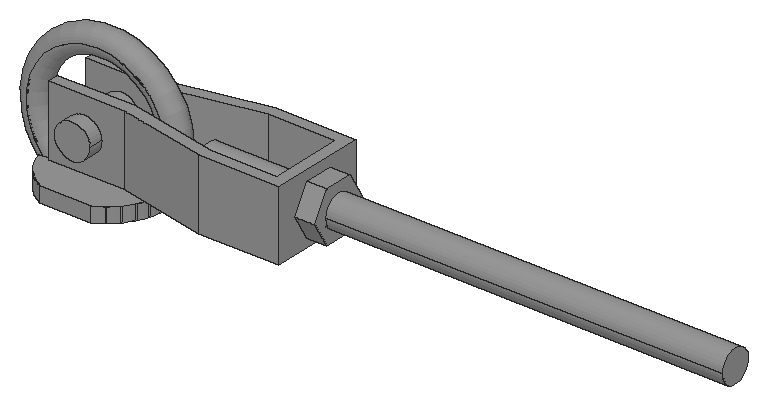
Revit family "HCL_Latchways_FallArrestSystemGuidedAnchorLine_EndSet", category Generic Models, host Face, Revit 2014
Parameters (values of type "ManSafe CFP - End Set")
  WarrantyStartDate [instance] = "1900-12-31T23:59:59"
  WarrantyGuarantorParts = "n/a"
  WarrantyGuarantorLabor = "n/a"
  WarrantyDurationUnit = "year"
  WarrantyDurationParts = "n/a"
  WarrantyDurationLabor = "n/a"
  WarrantyDescription = "n/a"
  Version = "1"  # constant formula
  Uniclass2 = "80-30-25/135"
  URL = "www.latchways.com"
  Type Comments = "n/a"
  TagNumber [instance] = "n/a"
  SystemManufacturer = "MSA Latchways"  # constant formula
  SystemMaintenance = "Annual service to be completed by HCL Safety in accordance with BS7883:2005"  # constant formula
  SustainabilityPerformance = "n/a"
  StructuralAnchors = "n/a"
  Size = "36 x 215 x 49 mm"
  Shape = "n/a"
  SerialNumber [instance] = "n/a"
  Revision = "n/a"
  ReplacementCost = "n/a"
  Reference = "n/a"
  ProductInformation = "www.latchways.com/BIM/Latchways_ConstantForcePost_EndSet_TopComponents.pdf"
  PreInstallationSurvey = "Required"
  NominalWidth = 36 mm
  NominalLength = 215 mm
  NominalHeight = 49 mm
  Name = "FallArrestSystemGuidedAnchorLine_EndSet_MSA_Latchways"
  NBSTypeID = "n/a"
  NBSReference = "80-50-25/110"
  NBSOfficeMasterTag = "n/a"
  NBSNote = "n/a"
  NBSDescription = "Fall arrest system - guided anchor line"
  NBSCertification = "n/a"
  ModelReference = "Constant Force Post  - End Set"
  ModelNumber = "n/a"
  Model = "n/a"
  Material = "n/a"
  ManufacturerURL = "www.latchways.com"
  ManufacturerName = "MSA Latchways"
  Manufacturer = "info@latchways.com"
  ManSafeForRoofingBrochure = "https://www.hclsafety.com/wp-content/uploads/2017/10/AC55-HCL-A4-brochure-2017.pdf"
  Installer Website = "https://www.hclsafety.com/"
  InstallationDate [instance] = "1900-12-31T23:59:59"
  IfcExportType = "IfcTransportElement"  # constant formula
  IfcExportAs = "NOTDEFINED"  # constant formula
  Grade = "n/a"
  FireExit = no
  Finish = "n/a"
  Features = "n/a"
  ExpectedLife = "n/a"
  DurationUnit = "year"
  Description = "Latchways ManSafe® for Roofing, using Constant Force posts"
  Default Elevation = 1219.2 mm
  ProductSpecification = "www.latchways.com/BIM/Latchways_Specification_ConstantForcePost.pdf"
  Constituents = "n/a"
  Color = "n/a"
  CodePerformance = "n/a"
  Category = "n/a"
  BarCode [instance] = "n/a"
  BIMObjectName = "HCL_Latchways_FallArrestSystemGuidedAnchorLine_EndSet"
  Author = "MSA Latchways"  # constant formula
  AttachmentDeviceGuide = "https://www.latchways.com/sites/default/files/4600-026-MC_AttachmentDevice_Guide.pdf"
  AssetType = "Fixed"
  AssetIdentifier [instance] = "n/a"
  Assembly Code = ""
  AncillaryEquipment = "n/a"
  AnchorLine = "n/a"
  AccessibilityPerformance = "n/a"
Reference planes
  plane 1 "Center (Front/Back)": y = 0
  plane 2: z = 0
  plane 3 "Center (Left/Right)": x = 0
  plane 4: x = 0
  plane 5: y = 0
Forms (mm)
  Extrusion 1, solid, not visible
    sketch origin (0, 0, 0) x (1, 0, 0) y (0, 1, 0)
      loop
        line (-1219.2, 1219.2) -> (-1219.2, -1219.2) -> (1219.2, -1219.2) -> (1219.2, 1219.2) -> (-1219.2, 1219.2)
    from 0 to -250
Dimensions and locks
  nested 2 to nested 1 = 215 mm
  nested 1 to nested 2 = 215 mm
  nested 1 to nested 1 = 36 mm
  aligned and locked: plane 2 to Extrusion 1
  aligned and locked: level to Extrusion 1
Nested families
  nested 1: "LWplc_CFP_Attachment_Ring" at (0, 0, 0), type "LWplc_CFP_Attachment_Ring"
  nested 2: "LWplc_CFP_End_Element" at (0, 0, 20.5), type "LWplc_CFP_End_Element"
Definition of nested family "LWplc_CFP_Attachment_Ring"
  Reference planes
    plane 1 "Center (Front/Back)": y = 0
    plane 2: z = 0
    plane 3 "Center (Left/Right)": x = 0
  Forms (mm)
    Extrusion 1, solid, material "LWplc_Latchwaysplc_StainlessSteel_AISI304"
      sketch origin (0, 0, 0) x (1, 0, 0) y (0, 1, 0)
        loop
          arc (-8.718, 18) -> (-20, 0) -> (-8.718, -18) r 20
          line (-8.718, -18) -> (8.718, -18)
          arc (8.718, -18) -> (20, 0) -> (8.718, 18) r 20
          line (8.718, 18) -> (-8.718, 18)
      from 0 to 5
    Sweep 2, solid, material "LWplc_Latchwaysplc_StainlessSteel_AISI304"
      path in 3D
        loop
          arc (16.674, 0, 3.238) -> (-0.004, 0, 44.5) -> (-16.669, 0, 3.233) r 24
      profile origin (-0.004, 0, 44.5) x (0.000154, 0, -1) y (0, -1, 0)
        loop
          line (0, -4.5) -> (0, 4.5)
          spline (0, 4.5) -> (-1.164, 4.347) -> (-2.25, 3.897) -> (-3.182, 3.182) -> (-3.897, 2.25) -> (-4.346, 1.165) -> (-4.5, 0) -> (-4.346, -1.165) -> (-3.897, -2.25) -> (-3.182, -3.182) -> (-2.25, -3.897) -> (-1.164, -4.347) -> (0, -4.5)
    Extrusion 3, solid, material "LWplc_Latchwaysplc_StainlessSteel_AISI304"
      sketch origin (0, 0, 0) x (1, 0, 0) y (0, 1, 0)
        loop
          arc (-8.718, 18) -> (-20, 0) -> (-8.718, -18) r 20
          line (-8.718, -18) -> (8.718, -18)
          arc (8.718, -18) -> (20, 0) -> (8.718, 18) r 20
          line (8.718, 18) -> (-8.718, 18)
      from 0 to 5
    Sweep 4, solid, material "LWplc_Latchwaysplc_StainlessSteel_AISI304"
      path in 3D
        loop
          arc (12.48, 0, 0) -> (0, 0, 44.5) -> (-12.48, 0, 0) r 24
      profile origin (0, 0, 44.5) x (0, 0, -1) y (0, -1, 0)
        loop
          line (0, 0) -> (0, -4.5)
          arc (0, -4.5) -> (4.5, 0) -> (0, 4.5) r 4.5
          line (0, 4.5) -> (0, 0)
  Cuts and joins
    joined: Extrusion 1, Sweep 2, Sweep 4
  Lines and regions (mm)
    model lines
      curve 1: line (-8.718, 18, 0) -> (8.718, 18, 0)
      curve 2: line (-8.718, -18, 0) -> (8.718, -18, 0)
      curve 3: arc (-8.718, 18, 0) -> (-20, 0, 0) -> (-8.718, -18, 0) r 20
      curve 5: circle (0, 0, 0) r 7 normal (0, 0, 1)
      curve 7: arc (8.718, 18, 0) -> (20, 0, 0) -> (8.718, -18, 0) r 20
    sketch lines
      curve 4: arc (16.674, 0, 3.238) -> (-0.004, 0, 44.5) -> (-16.669, 0, 3.233) r 24
      curve 8: arc (12.48, 0, 0) -> (0, 0, 44.5) -> (-12.48, 0, 0) r 24
    reference lines
      curve 6: circle (0, 0, 20.5) r 6 normal (0, -1, 0)
    model lines, detail levels medium+fine
      curve 9: circle (0, 0, 5) r 7 normal (0, 0, 1)
  Dimensions and locks
    aligned and locked: level to plane 2
Definition of nested family "LWplc_CFP_End_Element"
  Reference planes
    plane 1 "Center (Front/Back)": y = 0
    plane 2: z = 0
    plane 3 "Center (Left/Right)": x = 0
  Forms (mm)
    Extrusion 1, solid, material "LWplc_Latchwaysplc_StainlessSteel_AISI304", detail levels medium+fine
      sketch origin (0, 0, 0) x (1, 0, 0) y (0, 0, 1)
        loop
          circle (0, 0) r 6
      from -15 to 15
    Extrusion 2, solid, material "LWplc_Latchwaysplc_StainlessSteel_AISI304"
      sketch origin (0, 0, 0) x (1, 0, 0) y (0, 1, 0)
        loop
          line (-12, -6) -> (-12, -10) -> (13.585, -10) -> (44.585, -16.5) -> (72, -16.5) -> (72, 16.5) -> (44.585, 16.5) -> (13.585, 10) -> (-12, 10) -> (-12, 6) -> (14, 6) -> (45, 12.5) -> (68, 12.5) -> (68, -12.5) -> (45, -12.5) -> (14, -6) -> (-12, -6)
      from -12 to 12
    Extrusion 3, solid, material "LWplc_Latchwaysplc_StainlessSteel_Brushed"
      sketch origin (61, 10, 0) x (0, -0.5, -0.866025) y (0, -0.866025, 0.5)
        loop
          circle (5, 8.66) r 5.5
      from -154 to 26
  Lines and regions (mm)
    reference lines
      curve 1: line (0, 10, 0) -> (0, -10, 0)
    model lines
      curve 2: line (72, 0, -12) -> (72, 0, 12)
      curve 4: circle (215, 0, 0) r 5.5 normal (-1, 0, 0)
    model lines, detail levels medium+fine
      curve 3: circle (215, 0, 0) r 4 normal (-1, 0, 0)
  Dimensions and locks
    aligned and locked: level to plane 2
  Nested families
    nested 1: "LWplc_Bolt_Head" at (72, 0, 0) x (0, 1, 0) z (1, 0, 0), type "LWplc_Bolt_Head", detail levels medium+fine
  Definition of nested family "LWplc_Bolt_Head"
    Reference planes
      plane 1 "Center (Front/Back)": y = 0
      plane 2: z = 0
      plane 3 "Center (Left/Right)": x = 0
    Forms (mm)
      Extrusion 1, solid, material "LWplc_Latchwaysplc_StainlessSteel_AISI304"
        sketch origin (0, 0, 0) x (1, 0, 0) y (0, 1, 0)
          loop
            line (5, -8.66) -> (10, 0) -> (5, 8.66) -> (-5, 8.66) -> (-10, 0) -> (-5, -8.66) -> (5, -8.66)
        from 0 to 7
    Lines and regions (mm)
      model lines
        curve 1: line (10, 0, 0) -> (5, 8.66, 0)
        curve 2: line (5, 8.66, 0) -> (-5, 8.66, 0)
        curve 3: line (-5, 8.66, 0) -> (-10, 0, 0)
        curve 4: line (-10, 0, 0) -> (-5, -8.66, 0)
        curve 5: line (-5, -8.66, 0) -> (5, -8.66, 0)
        curve 6: line (5, -8.66, 0) -> (10, 0, 0)
      reference lines
        curve 7: line (0, 0, 0) -> (0, 0, 7)
    Dimensions and locks
      aligned and locked: level to plane 2
